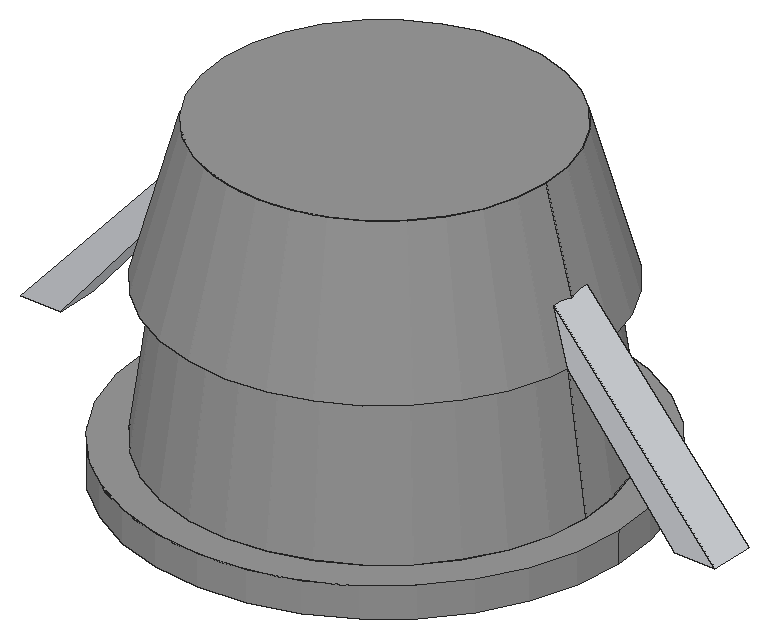
Revit family "KEPLER-DOWN_LIGHT_LED_23W_O175+connect_19_4000K", category Lighting Fixtures, host Ceiling, Revit 2021
Family settings
  Host = Ceiling
  Round Connector Dimension = Use Diameter
  Part Type = Normal
  OmniClass Number = 23.80.70.11
  OmniClass Title = Luminaries for Internal Lighting
  Always vertical = Yes
  Cut with Voids When Loaded = No
  Light Source = Yes
  Shared = No
  Room Calculation Point = No
Parameters
  Wattage = 18.0084 W
  built-in parameter 1150110 = 1 (stored number, unit not read)
  URL = "https://www.lucera.fr/"
  built-in parameter 1114217 = 1 (stored number, unit not read)
  Tilt Angle = 90.00°
  built-in parameter 1150109 = 1 (stored number, unit not read)
  built-in parameter 1150134 = 12
  built-in parameter 1150113 = 1 (stored number, unit not read)
  SDCM = "3"
  Puissance nominale = "23W"
  Photometric Web File = "google_eulumdat_converter.ies"
  Matériau = "Aluminium"
  Manufacturer = "Lucera - Lucera (c) 06/01/2021 16:39:45 +01:00"  # constant formula
  Maintien du flux = "L80B10 (50 000 heures)"
  Lumens = 2675 lm
  built-in parameter 1150115 = 1 (stored number, unit not read)
  built-in parameter 1150105 = 212.87 (stored number, unit not read)
  built-in parameter 1150137 = (empty or 0)
  built-in parameter 1150139 = (empty or 0)
  built-in parameter 1150112 = 1 (stored number, unit not read)
  built-in parameter 1150114 = 1 (stored number, unit not read)
  Lamp = "LED XC-COB Bridgelux 2630"
  built-in parameter 1150132 = 2
  built-in parameter 1150102 = (empty or 0)
  built-in parameter 1150138 = (empty or 0)
  built-in parameter 1150107 = 4000 (stored number, unit not read)
  built-in parameter 1150106 = 2.1287 (stored number, unit not read)
  IRC = ">90"
  built-in parameter 1150104 = 13.8 (stored number, unit not read)
  Durée de vie = "50 000 heures"
  Driver = "Driver Lifud TUV CE CCC"
  Dimming Lamp Color Temperature Shift = <None>
  Dimensions = "Ø 175 mm, H = 118 mm"
  Dimension découpe = "Ø 150-165 mm"
  Default Elevation = 0.00 mm
  Couleur = "Blanc"
  Color Filter = 16777215
  built-in parameter 1114218 = 1 (stored number, unit not read)
  built-in parameter 1150133 = 10 (stored number, unit not read)
  Angle d'éclairage = "38°"
  Alimentation luminaire = "33-40V dc / 600mA"
  Alimentation Driver = "AC 220-240V"
Reference planes
  plane 1 "Light Source Axis (F/B)": y = 0
  plane 2 "Ceiling": z = 2438.4
  plane 3 "Light Source Axis (L/R)": x = 0
  plane 4 "Light Source Elevation": z = 2427.273
Forms (mm)
  Extrusion 1, solid, material "Aluminum, Blanc"
    sketch origin (0, 0, 2427.273) x (0, -1, 0) y (1, 0, 0)
      loop
        circle (0, 0) r 87.5
      loop
        circle (0, 0) r 75
    from 0 to 11.127
  Blend 2, solid, material "Aluminum, Blanc"
    base sketch origin (0, 0, 2427.273) x (0, -1, 0) y (1, 0, 0)
      loop
        circle (0, 0) r 75
    top sketch origin (0, 0, 2427.273) x (0, -1, 0) y (1, 0, 0)
      loop
        circle (0, 0) r 60
    from 11.127 to 118
  Blend 3, solid, material "Aluminum, Gris"
    base sketch origin (0, 0, 2427.273) x (0, -1, 0) y (1, 0, 0)
      loop
        circle (0, 0) r 75
    top sketch origin (0, 0, 2427.273) x (0, -1, 0) y (1, 0, 0)
      loop
        circle (0, 0) r 60
    from 64.402 to 118
  Extrusion 4, solid, material "Glass, White, High Luminance"
    sketch origin (0, 0, 2427.273) x (0, -1, 0) y (1, 0, 0)
      loop
        circle (0, 0) r 75
    from 0 to 11.127
  Extrusion 5, solid
    sketch origin (0, 0, 0) x (1, 0, 0) y (0, 0, 1)
      loop
        line (-75, 2491.676) -> (-69.824, 2510.994) -> (-130.045, 2444.111) -> (-115.045, 2444.111) -> (-75, 2491.676)
    from -7.818 to 7.903
  Extrusion 6, solid
    sketch origin (-0.478, 0, 0) x (-1, 0, 0) y (0, 0, -1)
      loop
        line (-75, -2491.676) -> (-115.045, -2444.111) -> (-130.045, -2444.111) -> (-69.824, -2510.994) -> (-75, -2491.676)
    from -7.818 to 7.903
Lines and regions (mm)
  reference lines
    curve 1: line (0, 0, 2427.273) -> (42.5, 0, 2427.273)
    curve 2: line (0, 0, 2427.273) -> (70, 0, 2427.273)
    curve 3: line (0, 0, 2427.273) -> (87.5, 0, 2427.273)
    curve 4: line (0, 0, 2427.273) -> (0, 0, 2545.273)
Dimensions and locks
  equal spacing: host sketch curve, plane 3 "Light Source Axis (L/R)", host sketch curve
  equal spacing: host sketch curve, plane 1 "Light Source Axis (F/B)", host sketch curve
  host sketch curve to host sketch curve = 3048.00 mm  (x2)
  aligned and locked: plane 1 "Light Source Axis (F/B)" to imposter light
  aligned and locked: plane 4 "Light Source Elevation" to imposter light
